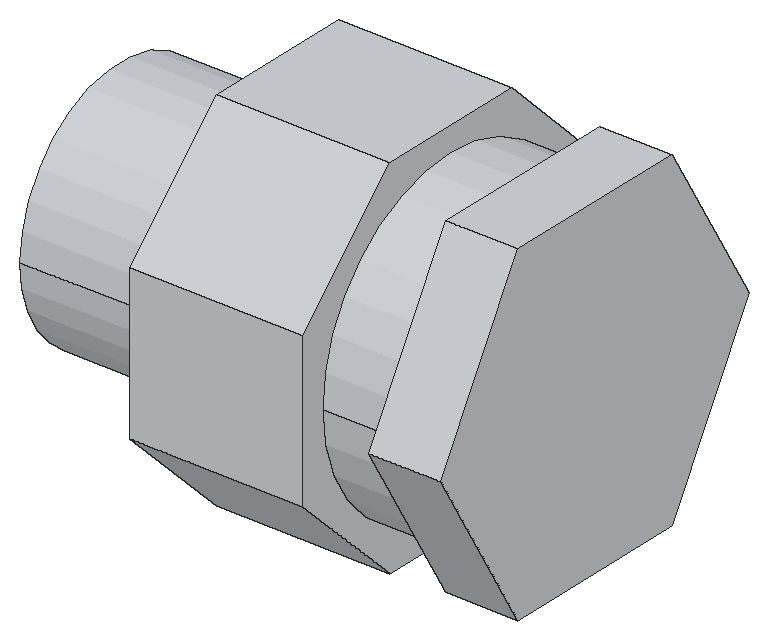
Revit family "União - Soldada x Rosqueada F - CU", category Conexões de tubo, Revit 2019
Family settings
  Cota do conector redondo = Usar raio
  Tipo de parte = Transição
  Com base no plano de trabalho = Não
  Sempre na vertical = Sim
  Corte com vazios quando carregada = Não
  Compartilhado = Não
Parameters (values of type "Padrão")
  Espessura da parede [instance] = size_lookup(Nome da tabela de pesquisa, "WThk", 0.01 * Diâmetro nominal 1 + 0.4 mm, Diâmetro nominal 1)  # 0.7 mm
  Tamanho da marca de revisão [instance] = Diâmetro externo da conexão * 0.4  # 11.2 mm
  Largura do soquete [instance] = size_lookup(Nome da tabela de pesquisa, "SWid", 0.37 * Diâmetro nominal 1 + 8.5 mm, Diâmetro nominal 1)  # 18.6 mm
  Raio 5 [instance] = Raio 4 * 1.2  # 23.52 mm
  Raio 4 [instance] = Raio externo da conexão * 1.4  # 19.6 mm
  Raio 3 [instance] = Raio 2 * 1.2  # 22.68 mm
  Raio 2 [instance] = Raio externo da conexão * 1.35  # 18.9 mm
  Raio nominal 2 [instance] = 12.5 mm
  Diâmetro nominal 2 [instance] = Raio nominal 2 * 2  # 25 mm
  Nome da tabela de pesquisa = "BR_Union - Soldered x Threaded F - CU"
  Comprimento 6 [instance] = Raio 5 * (1 - sin(67.50°))  # 1.79 mm
  Comprimento 5 [instance] = Raio 5 * cos(67.50°)  # 9.001 mm
  Comprimento 4 [instance] = size_lookup(Nome da tabela de pesquisa, "Lgt2", 0.27 * Diâmetro nominal 2 + 13 mm, Diâmetro nominal 1, Diâmetro nominal 2)  # 20.4 mm
  Comprimento 3 [instance] = Raio 3 * (1 - sin(60.00°))  # 3.039 mm
  Comprimento 2 [instance] = Raio 3 * cos(60.00°)  # 11.34 mm
  Comprimento 1 [instance] = 0.4 * Largura do soquete  # 7.44 mm
  Comprimento [instance] = size_lookup(Nome da tabela de pesquisa, "Lgt", 1.19 * Diâmetro nominal 1 + 22.2 mm, Diâmetro nominal 1, Diâmetro nominal 2)  # 56 mm
  Raio externo do soquete [instance] = Diâmetro externo do soquete / 2  # 14.7 mm
  Diâmetro externo do soquete [instance] = Diâmetro nominal 1 + 2 * Espessura da parede  # 29.4 mm
  Raio nominal 1 [instance] = 14 mm
  Diâmetro nominal 1 [instance] = Raio nominal 1 * 2  # 28 mm
  Método de perda = Coeficiente K da tabela
  Tabela de coeficiente K = "Transição de contração/alargamento"
  Raio externo da conexão [instance] = Diâmetro externo da conexão / 2  # 14 mm
  Diâmetro externo da conexão [instance] = Diâmetro nominal 1  # 28 mm
Reference planes
  plane 1 "Centro (frente/trás)": y = 0
  plane 2: z = 0
  plane 3 "Centro (direita/esquerda)": x = 0
  plane 4: x = 56
  plane 5: y = 14.7
  plane 6: y = -14.7
  plane 7: x = 18.6
  plane 8: x = 47.5
  plane 9: y = 22.68
  plane 10: y = -22.68
  plane 11: z = 22.68
  plane 12: z = -22.68
  plane 13: z = 19.641
  plane 14: y = 11.34
  plane 15: y = -11.34
  plane 16: z = -19.641
  plane 17: x = 39
  plane 18: z = 23.52
  plane 19: y = -23.52
  plane 20: z = -23.52
  plane 21: y = 23.52
  plane 22: y = -9.001
  plane 23: y = -21.73
  plane 24: y = 9.001
  plane 25: y = 21.73
  plane 26: z = 21.73
  plane 27: z = 9.001
  plane 28: z = -21.73
  plane 29: z = -9.001
Forms (mm)
  Sweep 1, solid, detail levels fine
    path origin (0, 0, 0) x (1, 0, 0) y (0, 1, 0)
      loop
        line (0, 0) -> (18.6, 0)
    profile origin (9.3, 0, 0) x (0, 1, 0) y (0, 0, 1)
      loop
        circle (0, 0) r 14.7
  Extrusion 2, solid, detail levels fine
    sketch origin (0, 0, 0) x (0, 1, 0) y (0, 0, 1)
      loop
        circle (0, 0) r 18.9
    from 39 to 47.5
  Extrusion 3, solid, detail levels fine
    sketch origin (0, 0, 0) x (0, 1, 0) y (0, 0, 1)
      loop
        line (11.34, 19.641) -> (-11.34, 19.641) -> (-22.68, 0) -> (-11.34, -19.641) -> (11.34, -19.641) -> (22.68, 0) -> (11.34, 19.641)
    from 47.5 to 56
  Extrusion 4, solid, detail levels fine
    sketch origin (0, 0, 0) x (0, 1, 0) y (0, 0, 1)
      loop
        line (-21.73, 9.001) -> (-21.73, -9.001) -> (-9.001, -21.73) -> (9.001, -21.73) -> (21.73, -9.001) -> (21.73, 9.001) -> (9.001, 21.73) -> (-9.001, 21.73) -> (-21.73, 9.001)
    from 18.6 to 39
Cuts and joins
  joined: Sweep 1, Extrusion 2, Extrusion 3, Extrusion 4
Lines and regions (mm)
  model lines, detail levels coarse+medium
    curve 1: line (0, 0, 0) -> (56, 0, 0)
    curve 2: line (0, 0, 0) -> (0, 11.2, 0)
    curve 3: line (0, 0, 0) -> (0, -11.2, 0)
    curve 4: line (56, 0, 0) -> (56, 11.2, 0)
    curve 5: line (56, 0, 0) -> (56, -11.2, 0)
Dimensions and locks
  "Comprimento": plane 3 "Centro (direita/esquerda)" to plane 4
  "Raio externo do soquete": plane 5 to plane 1 "Centro (frente/trás)"
  equal spacing: plane 5, plane 1 "Centro (frente/trás)", plane 6
  "Largura do soquete": plane 3 "Centro (direita/esquerda)" to plane 7
  "Raio 3": plane 9 to plane 1 "Centro (frente/trás)"
  "Raio 3": plane 1 "Centro (frente/trás)" to plane 10
  "Raio 3": plane 11 to plane 2
  "Raio 3": plane 12 to plane 2
  "Comprimento 3": plane 11 to plane 13
  "Comprimento 2": plane 14 to plane 1 "Centro (frente/trás)"
  "Comprimento 2": plane 1 "Centro (frente/trás)" to plane 15
  "Comprimento 3": plane 12 to plane 16
  "Tamanho da marca de revisão": plane 1 "Centro (frente/trás)" to curve 2
  "Tamanho da marca de revisão": curve 3 to plane 1 "Centro (frente/trás)"
  "Tamanho da marca de revisão": plane 1 "Centro (frente/trás)" to curve 4
  "Tamanho da marca de revisão": curve 5 to plane 1 "Centro (frente/trás)"
  "Comprimento 4": plane 7 to plane 17
  equal spacing: plane 17, plane 8, plane 4
  "Raio 5": plane 18 to plane 2
  "Raio 5": plane 20 to plane 2
  "Raio 5": plane 19 to plane 1 "Centro (frente/trás)"
  "Raio 5": plane 1 "Centro (frente/trás)" to plane 21
  "Comprimento 5": plane 22 to plane 1 "Centro (frente/trás)"
  "Comprimento 6": plane 19 to plane 23
  "Comprimento 5": plane 1 "Centro (frente/trás)" to plane 24
  "Comprimento 6": plane 25 to plane 21
  "Comprimento 6": plane 18 to plane 26
  "Comprimento 6": plane 20 to plane 28
  "Comprimento 5": plane 27 to plane 2
  "Comprimento 5": plane 29 to plane 2
  "Raio externo do soquete": radius of Sweep 1 sketch curve
  "Raio 2": radius of Extrusion 2 sketch curve
  aligned and locked: plane 3 "Centro (direita/esquerda)" to Sweep 1 sketch curve
  aligned and locked: plane 2 to Extrusion 2 sketch curve
  aligned and locked: plane 1 "Centro (frente/trás)" to Extrusion 2 sketch curve
  aligned and locked: plane 8 to Extrusion 2
  aligned and locked: Extrusion 3 sketch curve to plane 13
  aligned and locked: plane 14 to Extrusion 3 sketch curve  (x2)
  aligned and locked: plane 15 to Extrusion 3 sketch curve  (x2)
  aligned and locked: Extrusion 3 sketch curve to plane 16
  aligned and locked: plane 16 to Extrusion 3 sketch curve
  aligned and locked: plane 9 to Extrusion 3 sketch curve
  aligned and locked: plane 2 to Extrusion 3 sketch curve  (x2)
  aligned and locked: plane 13 to Extrusion 3 sketch curve
  aligned and locked: plane 10 to Extrusion 3 sketch curve
  aligned and locked: Extrusion 3 to plane 8
  aligned and locked: plane 4 to Extrusion 3
  aligned and locked: plane 1 "Centro (frente/trás)" to curve 1
  aligned and locked: plane 3 "Centro (direita/esquerda)" to curve 2
  aligned and locked: plane 3 "Centro (direita/esquerda)" to curve 3
  aligned and locked: curve 5 to plane 4
  aligned and locked: plane 17 to Extrusion 2
  aligned and locked: Extrusion 4 to plane 7
  aligned and locked: Extrusion 4 to plane 17
Automatic sketch dimensions
  plane 1 "Centro (frente/trás)" to Sweep 1 sketch curve = 0 mm
  Sweep 1 sketch curve to plane 7 = 0 mm
  Sweep 1 sketch curve to level = 0 mm
  Sweep 1 sketch curve to profile plane = 0 mm
  Extrusion 4 sketch curve to plane 23 = 0 mm
  Extrusion 4 sketch curve to plane 22 = 0 mm  (x2)
  Extrusion 4 sketch curve to plane 24 = 0 mm  (x2)
  Extrusion 4 sketch curve to plane 25 = 0 mm
  plane 28 to Extrusion 4 sketch curve = 0 mm
  plane 29 to Extrusion 4 sketch curve = 0 mm  (x2)
  Extrusion 4 sketch curve to plane 27 = 0 mm  (x2)
  Extrusion 4 sketch curve to plane 26 = 0 mm
Connectors
  piping at (0, 0, 0), diameter 28, driven by "Raio nominal 1"
    settings: on Sweep 1, index 1, connector inside diameter 28 mm, connector length 0 mm, flow factor 0, pipe flow 0.0 L/s, pressure drop 0.0 Pa, fitting loss kfactor 0, connector angle 0.00°, fixture units 0, engagement length 0 mm, angle of deflection 0.00°, flow configuration 0, flow direction 0, fitting loss method 0, system type 28, joint type 0, gender type 0, connector reference index 2, connector utility 0, adjustable connector no, is connector primary yes, connector description ""
  piping at (56, 0, 0), diameter 25, driven by "Raio nominal 2"
    settings: on Extrusion 3, index 2, connector inside diameter 25 mm, connector length 0 mm, flow factor 0, pipe flow 0.0 L/s, pressure drop 0.0 Pa, fitting loss kfactor 0, connector angle 0.00°, fixture units 0, engagement length 0 mm, angle of deflection 0.00°, flow configuration 0, flow direction 0, fitting loss method 0, system type 28, joint type 0, gender type 0, connector reference index 1, connector utility 0, adjustable connector no, is connector primary no, connector description ""
